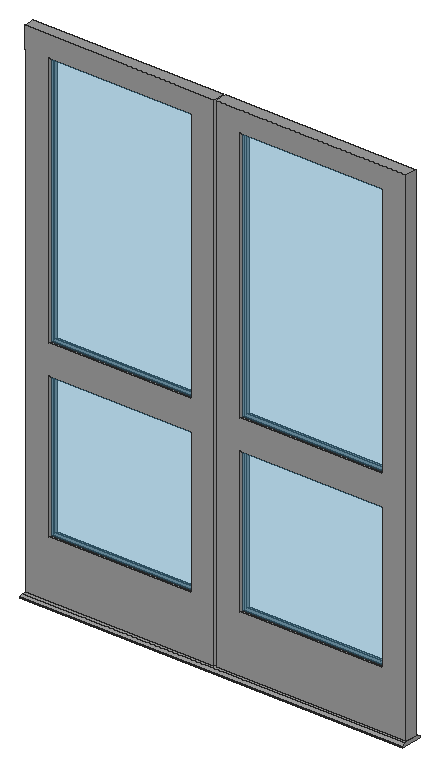
Revit family "RD-MS-DOOR-Double-PD-1-SF_v05", category Curtain Panels, Revit 2015
Parameters
  Width [instance] = 6' - 2"
  URL = "obe.com"
  Rough Width [instance] = 6' - 0"
  Offset [instance] = 0' - 0"
  Model = "RD-MS 1\" Infill"
  Min Panel Width [instance] = if(Rough Width > 5' 11 255/256", Rough Width, 6' 0")  # 6' - 0"
  Mid-Panel [instance] = no
  Manufacturer = "Oldcastle BuildingEnvelope®"
  Keynote = "08 11 00"
  Height [instance] = 8' - 0"
  Pushbar Height [instance] = 3' - 5 1/4"  # constant formula
  Glass Material = Glass
  Frame Material = Aluminum
  Door Panel Height [instance] = Height + 0' 0 17/32"  # 8' - 0 17/32"
  Description = "Rugged Door-Medium Stile 1\" Infill"
  Assembly Code = "B2030"
  Analytic Construction = "<None>"
  8 Muntin [instance] = no
  4 Muntin [instance] = yes
  8 Bottom Rail [instance] = no
  1 Muntin [instance] = if(or([4 Muntin], [8 Muntin], [Mid-Panel]), 1 = 2, 1 = 1)  # no
Reference planes (in)
  plane 1 "Front": y = 0
  plane 2: z = 0
  plane 3 "Center (Left/Right)": x = 0
  plane 4 "Left": x = -37
  plane 5 "Right": x = 37
  plane 6 "Top": z = 96
  plane 7: x = 36
  plane 8: x = -36
Text (in)
  text "Exterior" at (-54.29358, 31.38743, 0), in view "Ref. Level"
  text "Exterior" at (480, 41.53993, 89.60405), in view "Right"
  text "Exterior" at (-240, 57.82419, 105.78864), in view "Left"
Dimensions and locks (in)
  equal spacing: plane 4 "Left", plane 3 "Center (Left/Right)", plane 5 "Right"
  "Width": plane 4 "Left" to plane 5 "Right"
  "Height": plane 6 "Top" to plane 2
  equal spacing: plane 8, plane 3 "Center (Left/Right)", plane 7
  "Min Panel Width": plane 8 to plane 7
  aligned and locked: level to plane 2
  aligned and locked: plane 3 "Center (Left/Right)" to nested 1
  aligned and locked: plane 1 "Front" to nested 1
Nested families (in)
  nested 1: "RD-MS-DOOR-Double-PD-1-Panel_v04" at (0, -13, 0), Frame Material <- "Frame Material", Glass Material <- "Glass Material", 4 Muntin <- "4 Muntin", 8 Muntin <- "8 Muntin", 8 Bottom Rail <- "8 Bottom Rail", Height <- "Door Panel Height", Width <- "Min Panel Width", Mid-Panel <- "Mid-Panel", Offset <- "Offset", type "RD-MS-DOOR-Double-PD-1-Panel"
    with Wing Width 3' - 0", built-in parameter 1001301 6' - 0", Pushbar Height 3' - 5 1/4", Offset 0' - 0", Mid-Panel no, built-in parameter 1001300 8' - 0 17/32", Glass at Muntin 0' - 4 9/16", Glass Material Glass, Frame Material Aluminum, Bottom Rail 0' - 10 29/32", 8 Muntin no, 8 Bottom Rail no, 4 Muntin yes, 10 Bottom Rail yes, 1 Muntin no
Definition of nested family "RD-MS-DOOR-Double-PD-1-Panel_v04"
  Parameters (values of type "RD-MS-DOOR-Double-PD-1-Panel")
    Wing Width [instance] = Width / 2  # 2' - 6"
    Width [instance] = 5' - 0"
    Pushbar Height [instance] = 3' - 5 1/4"  # constant formula
    Offset [instance] = 0' - 1"
    Mid-Panel [instance] = no
    Height [instance] = 7' - 0"
    Glass at Muntin [instance] = if([8 Muntin], 0' 8 9/16", if([4 Muntin], 0' 4 9/16", if([Mid-Panel], 0' 8 9/16", 0' 1 9/16")))  # 0' - 1 9/16"
    Glass Material [instance] = none
    Frame Material [instance] = none
    Bottom Rail [instance] = if([10 Bottom Rail], 0' 10 29/32", 0' 8 29/32")  # 0' - 10 29/32"
    Analytic Construction = "<None>"
    8 Muntin [instance] = no
    8 Bottom Rail [instance] = no
    4 Muntin [instance] = no
    10 Bottom Rail [instance] = not([8 Bottom Rail])  # yes
    1 Muntin [instance] = if(or([4 Muntin], [8 Muntin], [Mid-Panel]), 1 = 2, 1 = 1)  # yes
  Reference planes (in)
    plane 1 "00": y = 10.875
    plane 2: z = 0
    plane 3 "Center (Left/Right)": x = 0
    plane 4: z = 84
    plane 5: x = -30
    plane 6: x = 30
    plane 7 "Center (Front/Back)": y = 13
    plane 8 "Exterior": y = 11.375
    plane 9: z = 42
    plane 10: z = 10.90625
    plane 11: z = 42.03125
    plane 12: z = 40.46875
    plane 13: z = 79.99987
    plane 14: z = 0
    plane 15 "Offset": y = 12
    plane 16: z = 41.25
  Forms (in)
    Sweep 1, solid, material <- "Frame Material"
      path origin (0, 10.875, 0) x (1, 0, 0) y (0, 0, 1)
        loop
          line (-29.79725, 84) -> (-0.27391, 84)
      profile origin (-15.03558, 10.875, 84) x (0, 0, 1) y (0, -1, 0)
        loop
          line (-0.53125, -1.008) -> (-0.53125, 1.008) -> (-2.77731, 1.008) -> (-4.40625, 1.008) -> (-4.40625, 0.5) -> (-4.00013, 0.5) -> (-4.00013, -0.5) -> (-4.40625, -0.5) -> (-4.40625, -1.008) -> (-2.77731, -1.008) -> (-0.53125, -1.008)
    Sweep 2, solid, material <- "Frame Material"
      path origin (0, 10.875, 0) x (1, 0, 0) y (0, 0, 1)
        loop
          line (-0.27391, 0) -> (-29.78059, 0)
      profile origin (-15.02725, 10.875, 0) x (0, 0, -1) y (0, -1, 0)
        loop
          line (-6.93343, -1.008) -> (-0.68741, -1.008) -> (-0.68741, 1.008) -> (-6.93343, 1.008) -> (-11.4375, 1.008) -> (-11.4375, 0.5) -> (-10.90625, 0.5) -> (-10.90625, -0.5) -> (-11.4375, -0.5) -> (-11.4375, -1.008) -> (-6.93343, -1.008)
    Sweep 3, solid, material <- "Frame Material"
      path origin (0, 10.875, 0) x (1, 0, 0) y (0, 0, 1)
        loop
          line (29.24042, 83.46875) -> (29.24042, 0.68741)
      profile origin (29.24042, 10.875, 42.07808) x (0, -1, 0) y (1, 0, 0)
        loop
          line (-1.008, 0.55683) -> (-1.008, -1.4551) -> (-1.008, -3.83417) -> (-0.5, -3.83417) -> (-0.5, -3.36517) -> (0.5, -3.36517) -> (0.5, -3.83417) -> (1.008, -3.83417) -> (1.008, -1.4551) -> (1.008, 0.54018) -> (-1.008, 0.66575) -> (-1.008, 0.55683)
    Sweep 4, solid, material <- "Frame Material"
      path origin (0, 10.875, 0) x (1, 0, 0) y (0, 0, 1)
        loop
          line (-29.25, 83.46875) -> (-29.25, 0.68741)
      profile origin (-29.25, 10.875, 42.07808) x (0, -1, 0) y (1, 0, 0)
        loop
          line (-1.008, -0.65616) -> (1.008, -0.53059) -> (1.008, 1.46468) -> (1.008, 3.84375) -> (0.5, 3.84375) -> (0.5, 3.37475) -> (-0.5, 3.37475) -> (-0.5, 3.84375) -> (-1.008, 3.84375) -> (-1.008, 1.46468) -> (-1.008, -0.65616)
    Sweep 5, solid, material <- "Frame Material"
      path origin (0, 10.875, 0) x (1, 0, 0) y (0, 0, 1)
        loop
          line (-0.27391, 42) -> (-29.78059, 42)
      profile origin (-15.02725, 10.875, 42) x (0, 0, -1) y (0, -1, 0)
        loop
          line (-0.56238, -0.5) -> (-0.56238, -1.008) -> (1.93763, -1.008) -> (1.93763, -0.5) -> (1.53125, -0.5) -> (1.53125, 0.5) -> (1.93763, 0.5) -> (1.93763, 1.008) -> (-0.56238, 1.008) -> (-0.56238, 0.5) -> (-0.03125, 0.5) -> (-0.03125, -0.5) -> (-0.56238, -0.5)
    Sweep 6, solid, material <- "Frame Material"
      path origin (0, 10.875, 0) x (1, 0, 0) y (0, 0, 1)
        loop
          line (0, 83.46875) -> (0, 0.68741)
      profile origin (0, 10.875, 42.07808) x (0, -1, 0) y (1, 0, 0)
        loop
          line (-1.008, -0.27391) -> (-1.008, -2.18343) -> (-1.008, -4.5643) -> (-0.5, -4.5643) -> (-0.5, -4.0953) -> (0.5, -4.0953) -> (0.5, -4.5643) -> (1.008, -4.5643) -> (1.008, -2.18343) -> (1.008, -0.27391)
          arc (1.008, -0.27391) -> (0, -0.0625) -> (-1.008, -0.27391) r 2.50872
        loop
          arc (-1.008, 0.27391) -> (0, 0.0625) -> (1.008, 0.27391) r 2.50872
          line (1.008, 0.27391) -> (1.008, 2.18343) -> (1.008, 4.5625) -> (0.5, 4.5625) -> (0.5, 4.0935) -> (0.252, 4.0935) -> (-0.5, 4.0935) -> (-0.5, 4.5625) -> (-1.008, 4.5625) -> (-1.008, 2.18343) -> (-1.008, 0.27391)
    Sweep 7, solid, material <- "Frame Material"
      path origin (0, 10.875, 0) x (1, 0, 0) y (0, 0, 1)
        loop
          line (0.27391, 84) -> (29.7806, 84)
      profile origin (15.02726, 10.875, 84) x (0, 0, 1) y (0, -1, 0)
        loop
          line (-0.53125, -1.008) -> (-0.53125, 1.008) -> (-2.77731, 1.008) -> (-4.40625, 1.008) -> (-4.40625, 0.5) -> (-4.00013, 0.5) -> (-4.00013, -0.5) -> (-4.40625, -0.5) -> (-4.40625, -1.008) -> (-2.77731, -1.008) -> (-0.53125, -1.008)
    Sweep 8, solid, material <- "Frame Material"
      path origin (0, 10.875, 0) x (1, 0, 0) y (0, 0, 1)
        loop
          line (29.7806, 42) -> (0.27391, 42)
      profile origin (15.02726, 10.875, 42) x (0, 0, -1) y (0, -1, 0)
        loop
          line (-0.56237, -0.5) -> (-0.56237, -1.008) -> (1.93763, -1.008) -> (1.93763, -0.5) -> (1.53125, -0.5) -> (1.53125, 0.5) -> (1.93763, 0.5) -> (1.93763, 1.008) -> (-0.56237, 1.008) -> (-0.56237, 0.5) -> (-0.03125, 0.5) -> (-0.03125, -0.5) -> (-0.56237, -0.5)
    Sweep 9, solid, material <- "Frame Material"
      path origin (0, 10.875, 0) x (1, 0, 0) y (0, 0, 1)
        loop
          line (29.7806, 0) -> (0.27391, 0)
      profile origin (15.02726, 10.875, 0) x (0, 0, -1) y (0, -1, 0)
        loop
          line (-3.49593, -1.008) -> (-0.68741, -1.008) -> (-0.68741, 1.008) -> (-3.49593, 1.008) -> (-11.4375, 1.008) -> (-11.4375, 0.5) -> (-10.90625, 0.5) -> (-10.90625, -0.5) -> (-11.4375, -0.5) -> (-11.4375, -1.008) -> (-3.49593, -1.008)
    Extrusion 10, solid, material <- "Glass Material", detail levels coarse
      sketch origin (-0.49398, 0, 0) x (1, 0, 0) y (0, 1, 0)
        loop
          line (4.58748, 11.375) -> (4.58748, 10.375) -> (26.36923, 10.375) -> (26.36923, 11.375) -> (4.58748, 11.375)
      from 40.46875 to 10.90625
    Extrusion 11, solid, material <- "Glass Material", detail levels medium+fine
      sketch origin (0, 0, 0) x (1, 0, 0) y (0, 1, 0)
        loop
          line (4.0935, 10.375) -> (25.87525, 10.375) -> (25.87525, 10.623) -> (4.0935, 10.623) -> (4.0935, 10.375)
        loop
          line (25.87525, 11.375) -> (4.0935, 11.375) -> (4.0935, 11.127) -> (25.87525, 11.127) -> (25.87525, 11.375)
      from 10.90625 to 40.46875
    Extrusion 12, solid, material <- "Glass Material", detail levels medium+fine
      sketch origin (0, 0, 0) x (1, 0, 0) y (0, 1, 0)
        loop
          line (4.0935, 11.375) -> (4.0935, 11.127) -> (25.87525, 11.127) -> (25.87525, 11.375) -> (4.0935, 11.375)
        loop
          line (25.87525, 10.375) -> (25.87525, 10.623) -> (4.0935, 10.623) -> (4.0935, 10.375) -> (25.87525, 10.375)
      from 42.03125 to 79.99987
    Extrusion 13, solid, material <- "Glass Material", detail levels coarse
      sketch origin (0, 0, 0) x (1, 0, 0) y (0, 1, 0)
        loop
          line (4.0935, 11.375) -> (4.0935, 10.375) -> (25.87525, 10.375) -> (25.87525, 11.375) -> (4.0935, 11.375)
      from 42.03125 to 79.99987
    Extrusion 14, solid, material <- "Glass Material", detail levels medium+fine
      sketch origin (0, 0, 0) x (1, 0, 0) y (0, 1, 0)
        loop
          line (-25.87525, 10.375) -> (-4.0953, 10.375) -> (-4.0953, 10.623) -> (-25.87525, 10.623) -> (-25.87525, 10.375)
        loop
          line (-4.0953, 11.375) -> (-25.87525, 11.375) -> (-25.87525, 11.127) -> (-4.0953, 11.127) -> (-4.0953, 11.375)
      from 10.90625 to 40.46875
    Extrusion 15, solid, material <- "Glass Material", detail levels coarse
      sketch origin (0, 0, 0) x (1, 0, 0) y (0, 1, 0)
        loop
          line (-25.87525, 11.375) -> (-25.87525, 10.375) -> (-4.31233, 10.375) -> (-4.0953, 10.375) -> (-4.0953, 11.375) -> (-25.87525, 11.375)
      from 42.03125 to 79.99987
    Extrusion 16, solid, material <- "Glass Material", detail levels coarse
      sketch origin (0, 0, 0) x (1, 0, 0) y (0, 1, 0)
        loop
          line (-25.87525, 11.375) -> (-25.87525, 10.375) -> (-4.0953, 10.375) -> (-4.0953, 11.375) -> (-25.87525, 11.375)
      from 10.90625 to 40.46875
    Extrusion 17, solid, material <- "Glass Material", detail levels medium+fine
      sketch origin (0, 0, 0) x (1, 0, 0) y (0, 1, 0)
        loop
          line (-25.87525, 11.375) -> (-25.87525, 11.127) -> (-4.0953, 11.127) -> (-4.0953, 11.375) -> (-25.87525, 11.375)
        loop
          line (-25.87525, 10.623) -> (-25.87525, 10.375) -> (-4.0953, 10.375) -> (-4.0953, 10.623) -> (-25.87525, 10.623)
      from 42.03125 to 79.99987
    Sweep 18, solid, material <- "Frame Material"
      path origin (0, 12, 0) x (1, 0, 0) y (0, 0, 1)
        loop
          line (29.90617, 0) -> (-29.90616, 0)
      profile origin (0, 12, 0) x (0, 0, -1) y (0, -1, 0)
        loop
          line (-0.49999, 2.523) -> (-0.49999, -0.163) -> (-0.19362, -0.82) -> (0, -0.82) -> (0, 3.18) -> (-0.19362, 3.18) -> (-0.49999, 2.523)
  Cuts and joins
    joined: Sweep 1, Sweep 2, Sweep 3, Sweep 4, Sweep 5, Sweep 6, Sweep 7, Sweep 8, Sweep 9
  Lines and regions (in)
    model lines
      curve 1: line (4.5625, 11.375, 79.71862) -> (25.87525, 11.375, 42.02216)
      curve 2: line (25.87525, 11.375, 42.02216) -> (4.5625, 11.375, 11.1875)
      curve 3: line (-4.5643, 11.375, 79.71862) -> (-25.40625, 11.375, 42)
      curve 4: line (-25.40625, 11.375, 42) -> (-4.5643, 11.375, 11.1875)
  Dimensions and locks (in)
    "Height": plane 4 to level
    equal spacing: plane 5, plane 3 "Center (Left/Right)", plane 6
    "Width": plane 5 to plane 6
    "Offset": plane 15 "Offset" to plane 7 "Center (Front/Back)"
    plane 1 "00" to plane 8 "Exterior" to plane 15 "Offset" = 0' - 0 1/2" locked, 0' - 0 5/8" locked
    equal spacing: level, plane 9, plane 4
    locked: plane 3 "Center (Left/Right)" to Sweep 2 sketch curve at 0.27391
    locked: Sweep 3 sketch curve to plane 4 at 0.53125
    locked: Sweep 4 sketch curve to plane 4 at 0.53125
    locked: plane 3 "Center (Left/Right)" to Sweep 1 sketch curve at 0.27391
    locked: plane 3 "Center (Left/Right)" to Sweep 5 sketch curve at 0.27391
    locked: Sweep 7 sketch curve to plane 3 "Center (Left/Right)" at 0.27391
    locked: Sweep 8 sketch curve to plane 3 "Center (Left/Right)" at 0.27391
    locked: Sweep 9 sketch curve to plane 3 "Center (Left/Right)" at 0.27391
    locked: Sweep 6 sketch curve to plane 4 at 0.53125
    "Glass at Muntin": plane 11 to plane 12
    locked: plane 12 to Sweep 8 sketch curve at 0.40638  (x2)
    locked: Sweep 8 sketch curve to plane 11 at 0.53112  (x2)
    "Bottom Rail": plane 10 to plane 2
    locked: Sweep 9 sketch curve to plane 10 at 0.53125  (x2)
    Extrusion 17 to plane 1 "00" = 0' - 0.252"
    Sweep 2 sketch curve to plane 10 = 0' - 0 17/32"  (x2)
    locked: Sweep 5 sketch curve to plane 11 at 0.53113  (x2)
    locked: plane 12 to Sweep 5 sketch curve at 0.40638  (x2)
    equal spacing: plane 4, plane 9, plane 14
    locked: plane 13 to Sweep 7 sketch curve at 0.40612  (x2)
    locked: plane 4 to plane 13 at 4.00013
    Extrusion 12 sketch curve to Extrusion 12 sketch curve to plane 1 "00" to Extrusion 12 sketch curve to Extrusion 12 sketch curve = 0' - 0.248" locked, 0' - 0.252" locked, 0' - 0.252" locked, 0' - 0.248" locked
    Extrusion 13 sketch curve to plane 1 "00" to Extrusion 13 sketch curve = 0' - 0 1/2" locked, 0' - 0 1/2" locked
    Extrusion 11 sketch curve to Extrusion 11 sketch curve to plane 1 "00" to Extrusion 11 sketch curve to Extrusion 11 sketch curve = 0' - 0.248" locked, 0' - 0.252" locked, 0' - 0.252" locked, 0' - 0.248" locked
    Extrusion 10 sketch curve to plane 1 "00" to Extrusion 10 sketch curve = 0' - 0 1/2" locked, 0' - 0 1/2" locked
    Extrusion 17 sketch curve to Extrusion 17 sketch curve to plane 1 "00" to Extrusion 17 sketch curve to Extrusion 17 sketch curve = 0' - 0.248" locked, 0' - 0.252" locked, 0' - 0.252" locked, 0' - 0.248" locked
    Extrusion 15 sketch curve to plane 1 "00" to Extrusion 15 sketch curve = 0' - 0 1/2" locked, 0' - 0 1/2" locked
    Extrusion 16 sketch curve to plane 1 "00" to Extrusion 16 sketch curve = 0' - 0 1/2" locked, 0' - 0 1/2" locked
    Extrusion 14 sketch curve to Extrusion 14 sketch curve to plane 1 "00" to Extrusion 14 sketch curve to Extrusion 14 sketch curve = 0' - 0.248" locked, 0' - 0.252" locked, 0' - 0.252" locked, 0' - 0.248" locked
    locked: Extrusion 13 sketch curve to plane 6 at 4.12475
    locked: plane 3 "Center (Left/Right)" to Extrusion 13 sketch curve at 4.0935
    locked: plane 3 "Center (Left/Right)" to Extrusion 12 sketch curve at 4.0935  (x2)
    locked: Extrusion 12 sketch curve to plane 6 at 4.12475  (x2)
    locked: plane 3 "Center (Left/Right)" to Extrusion 11 sketch curve at 4.0935  (x2)
    locked: Extrusion 11 sketch curve to plane 6 at 4.12475  (x2)
    locked: Extrusion 10 sketch curve to plane 6 at 4.12475
    locked: plane 3 "Center (Left/Right)" to Extrusion 10 sketch curve at 4.0935
    locked: plane 5 to Extrusion 15 sketch curve at 4.12475
    locked: Extrusion 15 sketch curve to plane 3 "Center (Left/Right)" at 4.0953
    locked: Extrusion 16 sketch curve to plane 3 "Center (Left/Right)" at 4.0953
    locked: plane 5 to Extrusion 16 sketch curve at 4.12475
    locked: Extrusion 17 sketch curve to plane 3 "Center (Left/Right)" at 4.0953  (x2)
    locked: plane 5 to Extrusion 17 sketch curve at 4.12475  (x2)
    locked: plane 5 to Extrusion 14 sketch curve at 4.12475  (x2)
    locked: Extrusion 14 sketch curve to plane 3 "Center (Left/Right)" at 4.0953  (x2)
    locked: plane 6 to Sweep 7 sketch curve at 0.2194
    locked: Sweep 1 sketch curve to plane 5 at 0.20275
    locked: Sweep 5 sketch curve to plane 5 at 0.21941
    locked: plane 6 to Sweep 8 sketch curve at 0.2194
    locked: plane 6 to Sweep 9 sketch curve at 0.2194
    locked: Sweep 2 sketch curve to plane 5 at 0.21941
    nested 2 to plane 15 "Offset" = 0' - 1 1/8"
    equal spacing: plane 11, plane 16, plane 12
    "Pushbar Height": plane 16 to plane 14
    locked: Sweep 18 sketch curve to plane 5 at 0.09384
    locked: plane 14 to Sweep 3 sketch curve at 0.68741
    locked: plane 14 to Sweep 6 sketch curve at 0.68741
    locked: plane 14 to Sweep 4 sketch curve at 0.68741
    aligned and locked: plane 2 to level
    aligned and locked: Sweep 1 sketch curve to plane 4
    aligned and locked: Sweep 2 sketch curve to level
    aligned and locked: level to nested 1
    aligned and locked: nested 1 to plane 1 "00"
    aligned and locked: Sweep 5 sketch curve to plane 9
    aligned and locked: plane 3 "Center (Left/Right)" to Sweep 6 sketch curve
    aligned and locked: Sweep 9 sketch curve to level
    aligned and locked: Sweep 8 sketch curve to plane 9
    aligned and locked: plane 4 to Sweep 7 sketch curve
    aligned and locked: Sweep 8 sketch curve to plane 11
    aligned and locked: plane 12 to Sweep 8 sketch curve
    aligned and locked: plane 10 to cut or joined group of Sweep 1, Sweep 2, Sweep 3, Sweep 4, Sweep 5, Sweep 6, Sweep 7, Sweep 8, Sweep 9
    aligned and locked: Extrusion 14 to plane 10
    aligned and locked: plane 12 to Extrusion 14
    aligned and locked: Extrusion 15 to plane 11
    aligned and locked: plane 13 to Extrusion 15
    aligned and locked: Extrusion 17 to plane 11
    aligned and locked: plane 13 to Extrusion 17
    aligned and locked: Extrusion 16 to plane 10
    aligned and locked: plane 12 to Extrusion 16
    aligned and locked: cut or joined group of Sweep 1, Sweep 2, Sweep 3, Sweep 4, Sweep 5, Sweep 6, Sweep 7, Sweep 8, Sweep 9 to plane 12
    aligned and locked: Extrusion 12 to plane 11
    aligned and locked: plane 11 to cut or joined group of Sweep 1, Sweep 2, Sweep 3, Sweep 4, Sweep 5, Sweep 6, Sweep 7, Sweep 8, Sweep 9
    aligned and locked: cut or joined group of Sweep 1, Sweep 2, Sweep 3, Sweep 4, Sweep 5, Sweep 6, Sweep 7, Sweep 8, Sweep 9 to plane 13
    aligned and locked: plane 13 to Extrusion 12
    aligned and locked: plane 13 to Extrusion 13
    aligned and locked: Extrusion 13 to plane 11
    aligned and locked: plane 12 to Extrusion 10
    aligned and locked: plane 12 to Extrusion 11
    aligned and locked: Extrusion 11 to plane 10
    aligned and locked: Extrusion 10 to plane 10
    aligned and locked: Sweep 7 sketch curve to plane 13
    aligned and locked: curve 2 to cut or joined group of Sweep 1, Sweep 2, Sweep 3, Sweep 4, Sweep 5, Sweep 6, Sweep 7, Sweep 8, Sweep 9
    aligned and locked: curve 3 to cut or joined group of Sweep 1, Sweep 2, Sweep 3, Sweep 4, Sweep 5, Sweep 6, Sweep 7, Sweep 8, Sweep 9
    aligned and locked: cut or joined group of Sweep 1, Sweep 2, Sweep 3, Sweep 4, Sweep 5, Sweep 6, Sweep 7, Sweep 8, Sweep 9 to curve 4
    aligned and locked: plane 9 to curve 3
    aligned and locked: Extrusion 14 to cut or joined group of Sweep 1, Sweep 2, Sweep 3, Sweep 4, Sweep 5, Sweep 6, Sweep 7, Sweep 8, Sweep 9
    aligned and locked: nested 2 to plane 3 "Center (Left/Right)"
    aligned and locked: Sweep 18 sketch curve to plane 14
    aligned and locked: plane 1 "00" to nested 2
  Automatic sketch dimensions
    curve 1 to plane 13 = 0' - 0 9/32"
    plane 3 "Center (Left/Right)" to curve 1 = 0' - 4 9/16"
    plane 9 to curve 2 = 0' - 0.02216"
    plane 10 to curve 4 = 0' - 0 9/32"
    plane 10 to curve 2 = 0' - 0 9/32"
    curve 3 to plane 13 = 0' - 0 9/32"
    Sweep 3 sketch curve to plane 6 = 0' - 0.75958"
    plane 5 to Sweep 4 sketch curve = 0' - 0 3/4"
    plane 5 to curve 3 = 0' - 4 19/32"
    Sweep 1 sketch curve to plane 1 "00" = 0' - 0 1/2"
    profile plane to Sweep 1 sketch curve = 0' - 4 13/32"
    Sweep 1 sketch curve to Sweep 1 sketch curve = 0' - 0"
    Sweep 1 sketch curve to Sweep 1 sketch curve = 0' - 0.40612"
    Sweep 1 sketch curve to Sweep 1 sketch curve = 0' - 1.22282"  (x2)
    profile plane to Sweep 1 sketch curve = 0' - 0 17/32"
    Sweep 1 sketch curve to plane 1 "00" = 0' - 1.008"
    plane 1 "00" to Sweep 1 sketch curve = 0' - 0 1/2"
    plane 1 "00" to Sweep 1 sketch curve = 0' - 1.008"
    Sweep 5 sketch curve to Sweep 5 sketch curve = 0' - 0.53113"
    Sweep 5 sketch curve to Sweep 5 sketch curve = 0' - 0.40638"
    Sweep 5 sketch curve to plane 1 "00" = 0' - 1.008"
    Sweep 5 sketch curve to plane 1 "00" = 0' - 0 1/2"  (x2)
    plane 1 "00" to Sweep 5 sketch curve = 0' - 0 1/2"  (x2)
    Sweep 5 sketch curve to Sweep 5 sketch curve = 0' - 0.508"
    Sweep 7 sketch curve to Sweep 7 sketch curve = 0' - 1.22282"  (x2)
    profile plane to Sweep 7 sketch curve = 0' - 0 17/32"
    Sweep 7 sketch curve to plane 1 "00" = 0' - 1.008"
    Sweep 7 sketch curve to plane 1 "00" = 0' - 0 1/2"
    plane 1 "00" to Sweep 7 sketch curve = 0' - 0 1/2"
    plane 1 "00" to Sweep 7 sketch curve = 0' - 1.008"
    Sweep 8 sketch curve to plane 1 "00" = 0' - 1.008"
    Sweep 8 sketch curve to plane 1 "00" = 0' - 0 1/2"  (x2)
    plane 1 "00" to Sweep 8 sketch curve = 0' - 0 1/2"  (x2)
    Sweep 8 sketch curve to Sweep 8 sketch curve = 0' - 0.508"
    Sweep 4 sketch curve to plane 1 "00" = 0' - 1.008"
    Sweep 4 sketch curve to plane 1 "00" = 0' - 0 1/2"
    plane 1 "00" to Sweep 4 sketch curve = 0' - 0 1/2"
    Sweep 4 sketch curve to Sweep 4 sketch curve = 0' - 0.508"
    profile plane to Sweep 4 sketch curve = 0' - 0.65616"
    profile plane to Sweep 4 sketch curve = 0' - 0.53059"
    Sweep 4 sketch curve to profile plane = 0' - 1.46468"  (x2)
    Sweep 4 sketch curve to Sweep 4 sketch curve = 0' - 1.91007"
    Sweep 4 sketch curve to Sweep 4 sketch curve = 0' - 0.469"  (x2)
    Sweep 3 sketch curve to plane 1 "00" = 0' - 1.008"
    Sweep 3 sketch curve to plane 1 "00" = 0' - 0 1/2"
    plane 1 "00" to Sweep 3 sketch curve = 0' - 0 1/2"
    plane 1 "00" to Sweep 3 sketch curve = 0' - 1.008"
    profile plane to Sweep 3 sketch curve = 0' - 3.83417"
    Sweep 3 sketch curve to Sweep 3 sketch curve = 0' - 0"
    Sweep 3 sketch curve to Sweep 3 sketch curve = 0' - 0.469"
    profile plane to Sweep 3 sketch curve = 0' - 1.4551"  (x2)
    Sweep 3 sketch curve to profile plane = 0' - 0.54018"
    Sweep 3 sketch curve to profile plane = 0' - 0.55683"
    Sweep 3 sketch curve to Sweep 3 sketch curve = 0' - 0.10892"
    Extrusion 15 sketch curve to Extrusion 15 sketch curve = 0' - 0.21703"
    plane 1 "00" to Sweep 6 sketch curve = 0' - 0"  (x2)
    Sweep 6 sketch curve to plane 1 "00" = 0' - 0 1/2"  (x2)
    Sweep 6 sketch curve to Sweep 6 sketch curve = 0' - 0.508"  (x2)
    Sweep 6 sketch curve to profile plane = 0' - 0.27391"
    Sweep 6 sketch curve to Sweep 6 sketch curve = 0' - 0"
    plane 1 "00" to Sweep 6 sketch curve = 0' - 0.252"
    plane 1 "00" to Sweep 6 sketch curve = 0' - 0 1/2"
    Sweep 6 sketch curve to Sweep 6 sketch curve = 0' - 0.248"
    plane 1 "00" to Sweep 6 sketch curve = 0' - 1.008"
    profile plane to Sweep 6 sketch curve = 0' - 0.27391"
    Sweep 6 sketch curve to Sweep 6 sketch curve = 0' - 1.90952"  (x4)
    Sweep 6 sketch curve to Sweep 6 sketch curve = 0' - 0.38779"  (x2)
    Sweep 6 sketch curve to Sweep 6 sketch curve = 0' - 1.52408"
    Sweep 6 sketch curve to Sweep 6 sketch curve = 0' - 0.469"  (x4)
    Sweep 6 sketch curve to Sweep 6 sketch curve = 0' - 1.52228"
    curve 2 to plane 6 = 0' - 4.12475"
    Sweep 9 sketch curve to Sweep 9 sketch curve = 0' - 0 17/32"
    plane 1 "00" to Sweep 9 sketch curve = 0' - 1.008"
    profile plane to Sweep 9 sketch curve = 0' - 3.49593"
    Sweep 9 sketch curve to plane 1 "00" = 0' - 1.008"
    Sweep 9 sketch curve to Sweep 9 sketch curve = 0' - 0"
    profile plane to Sweep 9 sketch curve = 0' - 0.68741"
    Sweep 9 sketch curve to plane 1 "00" = 0' - 0 1/2"
    plane 1 "00" to Sweep 9 sketch curve = 0' - 0 1/2"
    Sweep 2 sketch curve to Sweep 2 sketch curve = 0' - 0 17/32"
    plane 1 "00" to Sweep 2 sketch curve = 0' - 1.008"
    Sweep 2 sketch curve to Sweep 2 sketch curve = 0' - 3.97282"
    Sweep 2 sketch curve to plane 1 "00" = 0' - 1.008"
    Sweep 2 sketch curve to Sweep 2 sketch curve = 0' - 0"
    profile plane to Sweep 2 sketch curve = 0' - 0.68741"
    Sweep 2 sketch curve to plane 1 "00" = 0' - 0 1/2"
    plane 1 "00" to Sweep 2 sketch curve = 0' - 0 1/2"
    Sweep 18 sketch curve to plane 6 = 0' - 0.09383"
    Sweep 18 sketch curve to profile plane = 0' - 0"
    profile plane to Sweep 18 sketch curve = 0' - 0.19362"  (x2)
    Sweep 18 sketch curve to plane 15 "Offset" = 0' - 0.163"
    profile plane to Sweep 18 sketch curve = 0' - 0 1/2"
    Sweep 18 sketch curve to plane 15 "Offset" = 0' - 0.82"
    plane 15 "Offset" to Sweep 18 sketch curve = 0' - 3.18"
    Sweep 18 sketch curve to Sweep 18 sketch curve = 0' - 0.657"
  Nested families (in)
    nested 1: "RD-MS-DOOR-Double-PD-1-Section_v02" at (0, 10.875, 0) x (0, -1, 0) z (1, 0, 0), Height <- "Height", 4 Muntin <- "4 Muntin", 8 Muntin <- "8 Muntin", 8 Bottom Rail <- "8 Bottom Rail", Mid-Panel <- "Mid-Panel", type "RD-MS-DOOR-Double-PD-1-Section_v02"
      with Pushbar Height 3' - 5 1/4", Mid-Panel no, Height 7' - 0", Glass at Muntins 0' - 1 9/16", Bottom Rail 0' - 10 29/32", 8 Muntin no, 8 Bottom Rail no, 4 Muntin no, 10 Bottom Rail yes, 1 Muntin yes
    nested 2: "RD-MS-DOOR-Double-PD-1-Plan View_v02" at (-24, 10.875, 0), Wing Width <- "Wing Width", Width <- "Width", type "RD-MS-DOOR-Double-PD-1-Plan View_v02"
      with Wing Width 2' - 6", Width 5' - 0"
  Definition of nested family "RD-MS-DOOR-Double-PD-1-Section_v02"
    Parameters (values of type "RD-MS-DOOR-Double-PD-1-Section_v02")
      Pushbar Height [instance] = 3' - 5 1/4"  # constant formula
      Mid-Panel [instance] = no
      Height [instance] = 8' - 0"
      Glass at Muntins [instance] = if([8 Muntin], 0' 8 9/16", if([4 Muntin], 0' 4 9/16", if([Mid-Panel], 0' 8 9/16", 0' 1 9/16")))  # 0' - 1 9/16"
      Bottom Rail [instance] = if([10 Bottom Rail], 0' 10 29/32", 0' 8 29/32")  # 0' - 8 29/32"
      8 Muntin [instance] = no
      8 Bottom Rail [instance] = yes
      4 Muntin [instance] = no
      10 Bottom Rail [instance] = not([8 Bottom Rail])  # no
      1 Muntin [instance] = if(or([4 Muntin], [8 Muntin], [Mid-Panel]), 1 = 2, 1 = 1)  # yes
    Reference planes (in)
      plane 1 "Center (Front/Back)": y = 0
      plane 2: z = 0
      plane 3 "Center (Left/Right)": x = 0
      plane 4: y = 92
      plane 5: y = 42.03125
      plane 6: y = 40.46875
      plane 7: y = 42.56225
      plane 8: y = 96
      plane 9: y = 8.90625
      plane 10: y = 41.25
    Lines and regions (in)
      detail lines, in view "Ref. Level"
        curve 1: line (-0.5, 40.46875, 0) -> (-0.5, 8.90625, 0)
        curve 10: line (0.5, 40.46875, 0) -> (0.5, 8.90625, 0)
        curve 11: line (-0.5, 92, 0) -> (-0.5, 42.03125, 0)
        curve 20: line (0.5, 92, 0) -> (0.5, 42.03125, 0)
      detail lines, in view "Ref. Level", detail levels fine
        curve 2: line (-0.438, 40.46875, 0) -> (-0.438, 8.90625, 0)
        curve 3: line (-0.376, 40.46875, 0) -> (-0.376, 8.90625, 0)
        curve 4: line (-0.314, 40.46875, 0) -> (-0.314, 8.90625, 0)
        curve 7: line (0.314, 40.46875, 0) -> (0.314, 8.90625, 0)
        curve 8: line (0.376, 40.46875, 0) -> (0.376, 8.90625, 0)
        curve 9: line (0.438, 40.46875, 0) -> (0.438, 8.90625, 0)
        curve 12: line (-0.438, 92, 0) -> (-0.438, 42.03125, 0)
        curve 13: line (-0.376, 92, 0) -> (-0.376, 42.03125, 0)
        curve 14: line (-0.314, 92, 0) -> (-0.314, 42.03125, 0)
        curve 17: line (0.314, 92, 0) -> (0.314, 42.03125, 0)
        curve 18: line (0.376, 92, 0) -> (0.376, 42.03125, 0)
        curve 19: line (0.438, 92, 0) -> (0.438, 42.03125, 0)
      detail lines, in view "Ref. Level", detail levels medium+fine
        curve 5: line (-0.252, 40.46875, 0) -> (-0.252, 8.90625, 0)
        curve 6: line (0.252, 40.46875, 0) -> (0.252, 8.90625, 0)
        curve 15: line (-0.252, 92, 0) -> (-0.252, 42.03125, 0)
        curve 16: line (0.252, 92, 0) -> (0.252, 42.03125, 0)
    Dimensions and locks (in)
      locked: plane 5 to plane 7 at 0.531
      "Glass at Muntins": plane 6 to plane 5
      nested 1 to plane 8 to plane 4 = 0' - 2 31/32" locked, 0' - 4" locked
      "Bottom Rail": plane 1 "Center (Front/Back)" to plane 9
      "Height": plane 1 "Center (Front/Back)" to plane 8
      equal spacing: plane 6, plane 10, plane 5
      "Pushbar Height": plane 1 "Center (Front/Back)" to plane 10
      aligned and locked: plane 3 "Center (Left/Right)" to nested 1
      aligned and locked: plane 3 "Center (Left/Right)" to nested 2
      aligned and locked: plane 3 "Center (Left/Right)" to nested 3
      aligned and locked: plane 3 "Center (Left/Right)" to nested 4
      aligned and locked: plane 3 "Center (Left/Right)" to nested 5
      aligned and locked: plane 3 "Center (Left/Right)" to nested 6
      aligned and locked: plane 6 to curve 1
      aligned and locked: plane 6 to curve 2
      aligned and locked: plane 6 to curve 3
      aligned and locked: plane 6 to curve 4
      aligned and locked: plane 6 to curve 5
      aligned and locked: plane 6 to curve 10
      aligned and locked: plane 6 to curve 8
      aligned and locked: plane 6 to curve 9
      aligned and locked: plane 6 to curve 7
      aligned and locked: plane 6 to curve 6
      aligned and locked: plane 5 to curve 11
      aligned and locked: plane 5 to curve 12
      aligned and locked: plane 5 to curve 13
      aligned and locked: plane 5 to curve 14
      aligned and locked: plane 5 to curve 15
      aligned and locked: plane 5 to curve 16
      aligned and locked: plane 5 to curve 17
      aligned and locked: plane 5 to curve 18
      aligned and locked: plane 5 to curve 19
      aligned and locked: plane 5 to curve 20
      aligned and locked: plane 4 to curve 11
      aligned and locked: plane 4 to curve 12
      aligned and locked: plane 4 to curve 13
      aligned and locked: plane 4 to curve 14
      aligned and locked: plane 4 to curve 15
      aligned and locked: plane 4 to curve 16
      aligned and locked: plane 4 to curve 17
      aligned and locked: plane 4 to curve 18
      aligned and locked: plane 4 to curve 19
      aligned and locked: plane 4 to curve 20
      aligned and locked: plane 9 to curve 1
      aligned and locked: plane 9 to curve 2
      aligned and locked: plane 9 to curve 3
      aligned and locked: plane 9 to curve 4
      aligned and locked: plane 9 to curve 5
      aligned and locked: plane 9 to curve 6
      aligned and locked: plane 9 to curve 7
      aligned and locked: plane 9 to curve 8
      aligned and locked: plane 9 to curve 9
      aligned and locked: plane 9 to curve 10
      aligned and locked: plane 7 to nested 6
      aligned and locked: nested 6 to plane 7
      aligned and locked: plane 7 to nested 5
      aligned and locked: plane 7 to nested 4
      aligned and locked: plane 1 "Center (Front/Back)" to nested 3
      aligned and locked: plane 1 "Center (Front/Back)" to nested 2
      aligned and locked: plane 3 "Center (Left/Right)" to nested 7
      aligned and locked: plane 7 to nested 7
    Automatic sketch dimensions
      curve 1 to plane 3 "Center (Left/Right)" = 0' - 0 1/2"
      curve 11 to plane 3 "Center (Left/Right)" = 0' - 0 1/2"
      curve 1 to curve 2 = 0' - 0.062"
      curve 11 to curve 12 = 0' - 0.062"
      curve 2 to curve 3 = 0' - 0.062"
      curve 12 to curve 13 = 0' - 0.062"
      curve 13 to curve 14 = 0' - 0.062"
      curve 3 to curve 4 = 0' - 0.062"
      curve 4 to curve 5 = 0' - 0.062"
      curve 14 to curve 15 = 0' - 0.062"
      plane 3 "Center (Left/Right)" to curve 16 = 0' - 0.252"
      plane 3 "Center (Left/Right)" to curve 6 = 0' - 0.252"
      curve 6 to curve 7 = 0' - 0.062"
      curve 16 to curve 17 = 0' - 0.062"
      curve 17 to curve 18 = 0' - 0.062"
      curve 7 to curve 8 = 0' - 0.062"
      curve 8 to curve 9 = 0' - 0.062"
      curve 18 to curve 19 = 0' - 0.062"
      curve 9 to curve 10 = 0' - 0.062"
      curve 19 to curve 20 = 0' - 0.062"
    Nested families (in)
      nested 1: "TOP RAIL-DI" at (0, 98.96875, 0), type "TOP RAIL-DI", in view "Ref. Level"
      nested 2: "8 BOTTOM RAIL-DI" at (0, 9.4375, 0), visible <- "8 Bottom Rail", type "8 BOTTOM RAIL-DI", in view "Ref. Level"
      nested 3: "10 BOTTOM RAIL-DI" at (0, 11.43749, 0), visible <- "10 Bottom Rail", type "10 BOTTOM RAIL-DI", in view "Ref. Level"
      nested 4: "1 MUNTIN-DI" at (0, 42.56225, 0), visible <- "1 Muntin", type "1 MUNTIN-DI", in view "Ref. Level"
      nested 5: "4 MUNTIN-DI" at (0, 42.56225, 0), visible <- "4 Muntin", type "4 MUNTIN-DI", in view "Ref. Level"
      nested 6: "8 MUNTIN-DI" at (0, 42.56225, 0), visible <- "8 Muntin", type "8 MUNTIN-DI", in view "Ref. Level"
      nested 7: "8 MID PANEL-DI" at (0, 42.56225, 0), visible <- "Mid-Panel", type "8 MID PANEL-DI", in view "Ref. Level"
    Definition of nested family "TOP RAIL-DI"
      Reference planes (in)
        plane 1 "Center (Front/Back)": y = 0
        plane 2: z = 0
        plane 3 "Center (Left/Right)": x = 0
      Lines and regions (in)
        detail lines, in view "Ref. Level"
          curve 1: line (1.008, -3.625, 0) -> (-1.008, -3.625, 0)
          curve 2: line (-1.008, -3.625, 0) -> (-1.008, -7.375, 0)
          curve 3: line (-1.008, -7.375, 0) -> (-0.5, -7.375, 0)
          curve 4: line (-0.5, -7.375, 0) -> (-0.5, -6.968, 0)
          curve 5: line (-0.5, -6.968, 0) -> (0.5, -6.968, 0)
          curve 6: line (0.5, -6.968, 0) -> (0.5, -7.375, 0)
          curve 7: line (0.5, -7.375, 0) -> (1.008, -7.375, 0)
          curve 8: line (1.008, -7.375, 0) -> (1.008, -3.625, 0)
    Definition of nested family "8 BOTTOM RAIL-DI"
      Reference planes (in)
        plane 1 "Center (Front/Back)": y = 0
        plane 2: z = 0
        plane 3 "Center (Left/Right)": x = 0
      Lines and regions (in)
        detail lines, in view "Ref. Level"
          curve 1: line (0.5, -0.531, 0) -> (-0.5, -0.531, 0)
          curve 2: line (-0.5, -0.531, 0) -> (-0.5, 0, 0)
          curve 3: line (-0.5, 0, 0) -> (-1.008, 0, 0)
          curve 4: line (-1.008, 0, 0) -> (-1.008, -8.9375, 0)
          curve 5: line (-1.008, -8.9375, 0) -> (-1.288, -8.9375, 0)
          curve 6: line (-1.288, -8.9375, 0) -> (-1.945, -9.24386, 0)
          curve 7: line (-1.945, -9.24386, 0) -> (-1.945, -9.43749, 0)
          curve 8: line (-1.945, -9.43749, 0) -> (2.055, -9.43749, 0)
          curve 9: line (2.055, -9.43749, 0) -> (2.055, -9.24386, 0)
          curve 10: line (2.055, -9.24386, 0) -> (1.398, -8.9375, 0)
          curve 11: line (1.398, -8.9375, 0) -> (1.008, -8.9375, 0)
          curve 12: line (1.008, -8.9375, 0) -> (1.008, 0, 0)
          curve 13: line (1.008, 0, 0) -> (0.5, 0, 0)
          curve 14: line (0.5, 0, 0) -> (0.5, -0.531, 0)
    Definition of nested family "10 BOTTOM RAIL-DI"
      Reference planes (in)
        plane 1 "Center (Front/Back)": y = 0
        plane 2: z = 0
        plane 3 "Center (Left/Right)": x = 0
      Lines and regions (in)
        detail lines, in view "Ref. Level"
          curve 1: line (1.008, 0, 0) -> (0.5, 0, 0)
          curve 2: line (0.5, 0, 0) -> (0.5, -0.531, 0)
          curve 3: line (0.5, -0.531, 0) -> (-0.5, -0.531, 0)
          curve 4: line (-0.5, -0.531, 0) -> (-0.5, 0, 0)
          curve 5: line (-0.5, 0, 0) -> (-1.008, 0, 0)
          curve 6: line (-1.008, 0, 0) -> (-1.008, -10.9375, 0)
          curve 7: line (-1.008, -10.9375, 0) -> (-1.288, -10.9375, 0)
          curve 8: line (-1.288, -10.9375, 0) -> (-1.945, -11.24386, 0)
          curve 9: line (-1.945, -11.24386, 0) -> (-1.945, -11.43749, 0)
          curve 10: line (-1.945, -11.43749, 0) -> (2.055, -11.43749, 0)
          curve 11: line (2.055, -11.43749, 0) -> (2.055, -11.24386, 0)
          curve 12: line (2.055, -11.24386, 0) -> (1.398, -10.9375, 0)
          curve 13: line (1.398, -10.9375, 0) -> (1.008, -10.9375, 0)
          curve 14: line (1.008, -10.9375, 0) -> (1.008, 0, 0)
    Definition of nested family "1 MUNTIN-DI"
      Reference planes (in)
        plane 1 "Center (Front/Back)": y = 0
        plane 2: z = 0
        plane 3 "Center (Left/Right)": x = 0
      Lines and regions (in)
        detail lines, in view "Ref. Level", detail levels coarse
          curve 1: line (0.5, -0.531, 0) -> (-0.5, -0.531, 0)
          curve 2: line (-0.5, -0.531, 0) -> (-0.5, 0, 0)
          curve 3: line (-0.5, 0, 0) -> (-1.008, 0, 0)
          curve 4: line (-1.008, 0, 0) -> (-1.008, -2.5, 0)
          curve 5: line (-1.008, -2.5, 0) -> (-0.5, -2.5, 0)
          curve 6: line (-0.5, -2.5, 0) -> (-0.5, -2.093, 0)
          curve 7: line (-0.5, -2.093, 0) -> (0.5, -2.093, 0)
          curve 8: line (0.5, -2.093, 0) -> (0.5, -2.5, 0)
          curve 9: line (0.5, -2.5, 0) -> (1.008, -2.5, 0)
          curve 10: line (1.008, -2.5, 0) -> (1.008, 0, 0)
          curve 11: line (1.008, 0, 0) -> (0.5, 0, 0)
          curve 12: line (0.5, 0, 0) -> (0.5, -0.531, 0)
    Definition of nested family "4 MUNTIN-DI"
      Reference planes (in)
        plane 1 "Center (Front/Back)": y = 0
        plane 2: z = 0
        plane 3 "Center (Left/Right)": x = 0
      Lines and regions (in)
        detail lines, in view "Ref. Level"
          curve 1: line (1.008, 0, 0) -> (0.5, 0, 0)
          curve 2: line (0.5, 0, 0) -> (0.5, -0.531, 0)
          curve 3: line (0.5, -0.531, 0) -> (-0.5, -0.531, 0)
          curve 4: line (-0.5, -0.531, 0) -> (-0.5, 0, 0)
          curve 5: line (-0.5, 0, 0) -> (-1.008, 0, 0)
          curve 6: line (-1.008, 0, 0) -> (-1.008, -5.5, 0)
          curve 7: line (-1.008, -5.5, 0) -> (-0.5, -5.5, 0)
          curve 8: line (-0.5, -5.5, 0) -> (-0.5, -5.093, 0)
          curve 9: line (-0.5, -5.093, 0) -> (0.5, -5.093, 0)
          curve 10: line (0.5, -5.093, 0) -> (0.5, -5.5, 0)
          curve 11: line (0.5, -5.5, 0) -> (1.008, -5.5, 0)
          curve 12: line (1.008, -5.5, 0) -> (1.008, 0, 0)
    Definition of nested family "8 MUNTIN-DI"
      Reference planes (in)
        plane 1 "Center (Front/Back)": y = 0
        plane 2: z = 0
        plane 3 "Center (Left/Right)": x = 0
      Lines and regions (in)
        detail lines, in view "Ref. Level"
          curve 1: line (1.008, 0, 0) -> (0.5, 0, 0)
          curve 2: line (0.5, 0, 0) -> (0.5, -0.531, 0)
          curve 3: line (0.5, -0.531, 0) -> (-0.5, -0.531, 0)
          curve 4: line (-0.5, -0.531, 0) -> (-0.5, 0, 0)
          curve 5: line (-0.5, 0, 0) -> (-1.008, 0, 0)
          curve 6: line (-1.008, 0, 0) -> (-1.008, -9.5, 0)
          curve 7: line (-1.008, -9.5, 0) -> (-0.5, -9.5, 0)
          curve 8: line (-0.5, -9.5, 0) -> (-0.5, -9.093, 0)
          curve 9: line (-0.5, -9.093, 0) -> (0.5, -9.093, 0)
          curve 10: line (0.5, -9.093, 0) -> (0.5, -9.5, 0)
          curve 11: line (0.5, -9.5, 0) -> (1.008, -9.5, 0)
          curve 12: line (1.008, -9.5, 0) -> (1.008, 0, 0)
    Definition of nested family "8 MID PANEL-DI"
      Reference planes (in)
        plane 1 "Center (Front/Back)": y = 0
        plane 2: z = 0
        plane 3 "Center (Left/Right)": x = 0
      Lines and regions (in)
        detail lines, in view "Ref. Level"
          curve 1: line (1.008, 0, 0) -> (0.5, 0, 0)
          curve 2: line (0.5, 0, 0) -> (0.5, -0.531, 0)
          curve 3: line (0.5, -0.531, 0) -> (-0.5, -0.531, 0)
          curve 4: line (-0.5, -0.531, 0) -> (-0.5, 0, 0)
          curve 5: line (-0.5, 0, 0) -> (-1.008, 0, 0)
          curve 6: line (-1.008, 0, 0) -> (-1.008, -9.5, 0)
          curve 7: line (-1.008, -9.5, 0) -> (-0.5, -9.5, 0)
          curve 8: line (-0.5, -9.5, 0) -> (-0.5, -9.093, 0)
          curve 9: line (-0.5, -9.093, 0) -> (0.5, -9.093, 0)
          curve 10: line (0.5, -9.093, 0) -> (0.5, -9.5, 0)
          curve 11: line (0.5, -9.5, 0) -> (1.008, -9.5, 0)
          curve 12: line (1.008, -9.5, 0) -> (1.008, 0, 0)
  Definition of nested family "RD-MS-DOOR-Double-PD-1-Plan View_v02"
    Parameters (values of type "RD-MS-DOOR-Double-PD-1-Plan View_v02")
      Wing Width [instance] = Width / 2  # 2' - 0"
      Width [instance] = 4' - 0"
    Reference planes (in)
      plane 1 "Center (Front/Back)": y = 0
      plane 2: z = 0
      plane 3 "Center (Left/Right)": x = 24
      plane 4: x = 0
      plane 5: x = 1.4455
      plane 6: x = 46.5545
      plane 7: x = 48
      plane 8: y = -1.383
      plane 9: x = 0.0625
      plane 10: x = 47.9375
      plane 11: y = -25.383
      plane 12: y = -25.258
      plane 13: y = -21.227
    Lines and regions (in)
      detail lines, in view "Ref. Level", not visible
        curve 1: line (4.0935, 0.5, 0) -> (19.9047, 0.5, 0)
        curve 2: line (4.0935, -0.5, 0) -> (19.9047, -0.5, 0)
        curve 13: line (4.0935, -0.252, 0) -> (19.9047, -0.252, 0)
        curve 14: line (4.0935, 0.252, 0) -> (19.9047, 0.252, 0)
        curve 15: line (43.87525, 0.5, 0) -> (28.0935, 0.5, 0)
        curve 16: line (43.87525, -0.5, 0) -> (28.0935, -0.5, 0)
        curve 27: line (43.87525, -0.252, 0) -> (28.0935, -0.252, 0)
        curve 28: line (43.87525, 0.252, 0) -> (28.0935, 0.252, 0)
      detail lines, in view "Ref. Level"
        curve 3: line (0.9455, -21.227, 0) -> (0.9455, -5.414, 0)
        curve 7: line (1.9455, -21.227, 0) -> (1.9455, -5.414, 0)
        curve 17: line (47.0545, -21.227, 0) -> (47.0545, -5.44525, 0)
        curve 21: line (46.0545, -21.227, 0) -> (46.0545, -5.44525, 0)
        curve 29: arc (1.4455, -25.258, 0) -> (17.45507, -17.79723, 0) -> (23.97752, -1.383, 0) r 23.91502
        curve 30: arc (46.5545, -25.258, 0) -> (30.54493, -17.79723, 0) -> (24.02248, -1.383, 0) r 23.91502
      detail lines, in view "Ref. Level", detail levels fine
        curve 4: line (1.0075, -21.227, 0) -> (1.0075, -5.414, 0)
        curve 5: line (1.0695, -21.227, 0) -> (1.0695, -5.414, 0)
        curve 6: line (1.1315, -21.227, 0) -> (1.1315, -5.414, 0)
        curve 8: line (1.7595, -21.227, 0) -> (1.7595, -5.414, 0)
        curve 9: line (1.8215, -21.227, 0) -> (1.8215, -5.414, 0)
        curve 10: line (1.8835, -21.227, 0) -> (1.8835, -5.414, 0)
        curve 18: line (46.9925, -21.227, 0) -> (46.9925, -5.44525, 0)
        curve 19: line (46.9305, -21.227, 0) -> (46.9305, -5.44525, 0)
        curve 20: line (46.8685, -21.227, 0) -> (46.8685, -5.44525, 0)
        curve 22: line (46.2405, -21.227, 0) -> (46.2405, -5.44525, 0)
        curve 23: line (46.1785, -21.227, 0) -> (46.1785, -5.44525, 0)
        curve 24: line (46.1165, -21.227, 0) -> (46.1165, -5.44525, 0)
      detail lines, in view "Ref. Level", detail levels medium+fine
        curve 11: line (1.1935, -21.227, 0) -> (1.1935, -5.414, 0)
        curve 12: line (1.6975, -21.227, 0) -> (1.6975, -5.414, 0)
        curve 25: line (46.8065, -21.227, 0) -> (46.8065, -5.44525, 0)
        curve 26: line (46.3025, -21.227, 0) -> (46.3025, -5.44525, 0)
    Dimensions and locks (in)
      equal spacing: plane 4, plane 3 "Center (Left/Right)", plane 7
      "Width": plane 4 to plane 7
      nested 5 to plane 4 to plane 9 to plane 5 = 0' - 2.2805" locked, 0' - 0 1/16" locked, 0' - 1.383" locked
      plane 6 to plane 10 to plane 7 to nested 6 = 0' - 1.383" locked, 0' - 0 1/16" locked, 0' - 2.2805" locked
      locked: plane 1 "Center (Front/Back)" to plane 8 at 1.383
      "Wing Width": plane 8 to plane 11
      locked: plane 12 to plane 11 at 0.125
      locked: plane 13 to plane 11 at 4.156
      locked: plane 1 "Center (Front/Back)" to nested 7 at 0.96
      locked: nested 4 to plane 11 at 0.0625
      locked: plane 11 to nested 3 at 0.0625
      locked: plane 1 "Center (Front/Back)" to nested 8 at 0.96
      aligned and locked: nested 1 to plane 1 "Center (Front/Back)"
      aligned and locked: nested 2 to plane 1 "Center (Front/Back)"
      aligned and locked: plane 3 "Center (Left/Right)" to nested 2
      aligned and locked: nested 4 to plane 6
      aligned and locked: plane 5 to nested 3
      aligned and locked: curve 15 to nested 2
      aligned and locked: nested 2 to curve 28
      aligned and locked: nested 2 to curve 27
      aligned and locked: nested 2 to curve 16
      aligned and locked: curve 1 to nested 1
      aligned and locked: nested 1 to curve 14
      aligned and locked: nested 1 to curve 13
      aligned and locked: nested 1 to curve 2
      aligned and locked: curve 7 to nested 3
      aligned and locked: nested 3 to curve 10
      aligned and locked: nested 3 to curve 9
      aligned and locked: nested 3 to curve 8
      aligned and locked: nested 3 to curve 12
      aligned and locked: nested 3 to curve 11
      aligned and locked: nested 3 to curve 6
      aligned and locked: nested 3 to curve 5
      aligned and locked: nested 3 to curve 4
      aligned and locked: nested 3 to curve 3
      aligned and locked: nested 4 to curve 17
      aligned and locked: nested 4 to curve 18
      aligned and locked: nested 4 to curve 19
      aligned and locked: nested 4 to curve 20
      aligned and locked: nested 4 to curve 25
      aligned and locked: nested 4 to curve 26
      aligned and locked: nested 4 to curve 22
      aligned and locked: nested 4 to curve 23
      aligned and locked: nested 4 to curve 24
      aligned and locked: curve 21 to nested 4
      aligned and locked: plane 5 to nested 7
      aligned and locked: nested 8 to plane 6
      aligned and locked: plane 8 to curve 29
    Automatic sketch dimensions
      curve 29 to plane 9 = 0' - 0"
      curve 29 to plane 5 = 0' - 0"
      curve 30 to plane 8 = 0' - 0"
      curve 30 to plane 6 = 0' - 0"
      curve 30 to plane 10 = 0' - 0"
      curve 30 to plane 12 = 0' - 0"
      curve 29 to plane 12 = 0' - 0"
      plane 5 to curve 3 = 0' - 0 1/2"
      curve 3 to curve 4 = 0' - 0.062"
      curve 4 to curve 5 = 0' - 0.062"
      curve 5 to curve 6 = 0' - 0.062"
      curve 6 to curve 11 = 0' - 0.062"
      curve 12 to plane 5 = 0' - 0.252"
      curve 12 to curve 8 = 0' - 0.062"
      curve 8 to curve 9 = 0' - 0.062"
      curve 9 to curve 10 = 0' - 0.062"
      curve 10 to curve 7 = 0' - 0.062"
      curve 14 to plane 1 "Center (Front/Back)" = 0' - 0.252"
      curve 14 to plane 5 = 0' - 2.648"
      curve 2 to curve 14 = 0' - 0"
      curve 13 to curve 2 = 0' - 0"
      curve 1 to curve 14 = 0' - 0"
      curve 28 to plane 1 "Center (Front/Back)" = 0' - 0.252"
      curve 28 to plane 6 = 0' - 2.67925"
      curve 16 to curve 28 = 0' - 0"
      curve 15 to curve 28 = 0' - 0"
      curve 27 to curve 16 = 0' - 0"
      curve 21 to plane 6 = 0' - 0 1/2"
      curve 21 to curve 24 = 0' - 0.062"
      curve 24 to curve 23 = 0' - 0.062"
      curve 23 to curve 22 = 0' - 0.062"
      curve 22 to curve 26 = 0' - 0.062"
      plane 6 to curve 25 = 0' - 0.252"
      curve 25 to curve 20 = 0' - 0.062"
      curve 20 to curve 19 = 0' - 0.062"
      curve 19 to curve 18 = 0' - 0.062"
      curve 18 to curve 17 = 0' - 0.062"
      curve 17 to plane 8 = 0' - 4.06225"
      curve 22 to curve 17 = 0' - 0"
      curve 24 to curve 22 = 0' - 0"
      curve 21 to curve 24 = 0' - 0"
      curve 20 to curve 17 = 0' - 0"
      curve 20 to curve 19 = 0' - 0"
      curve 22 to curve 26 = 0' - 0"
      curve 19 to curve 18 = 0' - 0"
      curve 25 to curve 20 = 0' - 0"
      curve 23 to curve 22 = 0' - 0"
      curve 7 to plane 8 = 0' - 4.031"
      curve 8 to curve 7 = 0' - 0"
      curve 6 to curve 8 = 0' - 0"
      curve 8 to curve 9 = 0' - 0"
      curve 5 to curve 6 = 0' - 0"
      curve 12 to curve 8 = 0' - 0"
      curve 4 to curve 5 = 0' - 0"
      curve 10 to curve 7 = 0' - 0"
      curve 3 to curve 4 = 0' - 0"
      curve 6 to curve 11 = 0' - 0"
      plane 1 "Center (Front/Back)" to curve 2 = 0' - 0 1/2"
      plane 1 "Center (Front/Back)" to curve 16 = 0' - 0 1/2"
      curve 2 to curve 13 = 0' - 0.248"
      curve 16 to curve 27 = 0' - 0.248"
      curve 28 to curve 15 = 0' - 0.248"
      curve 14 to curve 1 = 0' - 0.248"
    Nested families (in)
      nested 1: "M STILE L-DI" at (24, 0, 0) x (-1, 0, 0) z (0, 0, 1), type "M STILE L-DI", in view "Ref. Level", not visible
      nested 2: "M STILE R-DI" at (24, 0, 0) x (-1, 0, 0) z (0, 0, 1), type "M STILE R-DI", in view "Ref. Level", not visible
      nested 3: "M STILE R-DI" at (1.4455, -25.3205, 0) x (0, -1, 0) z (0, 0, 1), type "M STILE R-DI", in view "Ref. Level"
      nested 4: "M STILE R-DI" at (46.5545, -25.3205, 0) x (0, -1, 0) z (0, 0, 1), type "M STILE R-DI", in view "Ref. Level"
      nested 5: "HINGE STILE PD-DI" at (-2.2805, 0, 0), type "HINGE STILE PD-DI", in view "Ref. Level", not visible
      nested 6: "HINGE STILE PD-DI" at (50.2805, 0, 0) x (-1, 0, 0) z (0, 0, 1), type "HINGE STILE PD-DI", in view "Ref. Level", not visible
      nested 7: "HINGE STILE PD-DI" at (1.4455, 0.96, 0) x (0, -1, 0) z (0, 0, 1), type "HINGE STILE PD-DI", in view "Ref. Level"
      nested 8: "HINGE STILE PD-DI" at (46.5545, 0.96, 0) x (0, -1, 0) z (0, 0, 1), type "HINGE STILE PD-DI", in view "Ref. Level"
    Definition of nested family "M STILE L-DI"
      Reference planes (in)
        plane 1 "Center (Front/Back)": y = 0
        plane 2: z = 0
        plane 3 "Center (Left/Right)": x = 0
      Lines and regions (in)
        detail lines, in view "Ref. Level"
          curve 1: line (0.27024, 1.008, 0) -> (4.5643, 1.008, 0)
          curve 2: line (4.5643, 1.008, 0) -> (4.5643, 0.5, 0)
          curve 3: line (4.5643, 0.5, 0) -> (4.0953, 0.5, 0)
          curve 4: line (4.0953, 0.5, 0) -> (4.0953, -0.5, 0)
          curve 5: line (4.0953, -0.5, 0) -> (4.5643, -0.5, 0)
          curve 6: line (4.5643, -0.5, 0) -> (4.5643, -1.008, 0)
          curve 7: line (4.5643, -1.008, 0) -> (0.27024, -1.008, 0)
          curve 8: arc (0.27024, -1.008, 0) -> (0.0625, 0, 0) -> (0.27024, 1.008, 0) r 2.54934
    Definition of nested family "M STILE R-DI"
      Reference planes (in)
        plane 1 "Center (Front/Back)": y = 0
        plane 2: z = 0
        plane 3 "Center (Left/Right)": x = 0
      Lines and regions (in)
        detail lines, in view "Ref. Level"
          curve 1: line (-4.5625, 1.008, 0) -> (-0.27472, 1.008, 0)
          curve 2: line (-4.5625, 1.008, 0) -> (-4.5625, 0.5, 0)
          curve 3: line (-4.5625, 0.5, 0) -> (-4.0935, 0.5, 0)
          curve 4: line (-4.0935, 0.5, 0) -> (-4.0935, -0.5, 0)
          curve 5: line (-4.0935, -0.5, 0) -> (-4.5625, -0.5, 0)
          curve 6: line (-4.5625, -0.5, 0) -> (-4.5625, -1.008, 0)
          curve 7: line (-4.5625, -1.008, 0) -> (-0.27472, -1.008, 0)
          curve 8: arc (-0.27472, -1.008, 0) -> (-0.0625, 0, 0) -> (-0.27472, 1.008, 0) r 2.5
    Definition of nested family "HINGE STILE PD-DI"
      Reference planes (in)
        plane 1 "Center (Front/Back)": y = 0
        plane 2: z = 0
        plane 3 "Center (Left/Right)": x = 0
      Lines and regions (in)
        detail lines, in view "Ref. Level"
          curve 1: line (2.469, 1.008, 0) -> (6.843, 1.008, 0)
          curve 2: line (6.843, 1.008, 0) -> (6.843, 0.5, 0)
          curve 3: line (6.843, 0.5, 0) -> (6.374, 0.5, 0)
          curve 4: line (6.374, 0.5, 0) -> (6.374, -0.5, 0)
          curve 5: line (6.374, -0.5, 0) -> (6.843, -0.5, 0)
          curve 6: line (6.843, -0.5, 0) -> (6.843, -1.008, 0)
          curve 7: line (6.843, -1.008, 0) -> (2.343, -1.008, 0)
          curve 8: line (2.343, -1.008, 0) -> (2.469, 1.008, 0)
